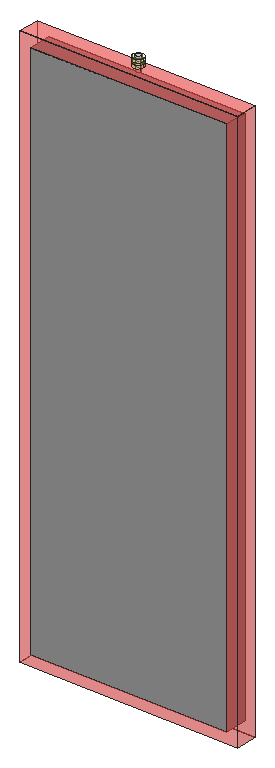
Revit family "roldana completa fachada", category Generic Models, Revit 2014
Reference planes (m)
  plane 1 "Center (Front/Back)": y = 0
  plane 2: z = 0
  plane 3 "Center (Left/Right)": x = 0
Dimensions and locks (m)
  aligned and locked: plane 2 to level
Nested families (m)
  nested 1: "roldana" at (0, -0.00063, 2.61125), type "roldana"
  nested 2: "aste roldana" at (0.000094, -0.00063, 2.59125), type "aste roldana"
  nested 3: "roldana" at (0, -0.00063, 2.635737), type "roldana"
  nested 4: "parede fachada" at (-0.003991, 0.050313, 0), type "parede fachada vidro alto"
    with largura vidro 0.90 m, altura vidro 2.50 m, altura ate o vidro 0.05 m
Definition of nested family "roldana"
  Parameters (values of type "roldana")
    rario externo = 0.025 m
    raio interno = 0.01 m
    metal roldana = Default Light Source
    altura roldana = 0.015 m
  Reference planes (m)
    plane 1 "Center (Front/Back)": y = 0
    plane 2: z = 0
    plane 3 "Center (Left/Right)": x = 0
    plane 4: z = 0.015
  Forms (m)
    Extrusion 1, solid, material "Default Light Source" <- "metal roldana"
      sketch origin (0, 0, 0) x (1, 0, 0) y (0, 1, 0)
        loop
          circle (0, 0) r 0.025
        loop
          circle (0, 0) r 0.01
      from 0 to 0.015
  Dimensions and locks (m)
    "altura roldana": plane 4 to level
    "rario externo": radius of Extrusion 1 sketch curve
    "raio interno": radius of Extrusion 1 sketch curve
    aligned and locked: plane 2 to level
    aligned and locked: plane 4 to Extrusion 1
  Automatic sketch dimensions
    Extrusion 1 sketch curve to Extrusion 1 sketch curve = 0.00 m  (x2)
    plane 1 "Center (Front/Back)" to Extrusion 1 sketch curve = 0.00 m
    Extrusion 1 sketch curve to plane 3 "Center (Left/Right)" = 0.00 m
Definition of nested family "aste roldana"
  Parameters (values of type "aste roldana")
    raio grosso aste = 0.012 m
    raio aste da roldana = 0.009 m
    altura da parte grossa da aste = 0.005 m
    altura aste = 0.06 m
  Reference planes (m)
    plane 1 "Center (Front/Back)": y = 0
    plane 2: z = 0
    plane 3 "Center (Left/Right)": x = 0
    plane 4: z = 0.06
    plane 5: z = 0.065
  Forms (m)
    Extrusion 1, solid
      sketch origin (0, 0, 0) x (1, 0, 0) y (0, 1, 0)
        loop
          circle (0, 0) r 0.009
      from 0 to 0.06
    Extrusion 2, solid
      sketch origin (-0.047058, -0.042889, 0) x (1, 0, 0) y (0, 1, 0)
        loop
          circle (0.047105, 0.042926) r 0.012
      from 0.06 to 0.065
  Dimensions and locks (m)
    level to plane 4 = 0.06 m
    "altura aste": plane 4 to level
    "altura da parte grossa da aste": plane 5 to plane 4
    "raio aste da roldana": radius of Extrusion 1 sketch curve
    "raio grosso aste": radius of Extrusion 2 sketch curve
    aligned and locked: plane 2 to level
    aligned and locked: plane 4 to Extrusion 1
    aligned and locked: Extrusion 2 to Extrusion 1
    aligned and locked: plane 5 to Extrusion 2
  Automatic sketch dimensions
    plane 1 "Center (Front/Back)" to Extrusion 1 sketch curve = 0.00 m
    Extrusion 1 sketch curve to plane 3 "Center (Left/Right)" = 0.00 m
    plane 3 "Center (Left/Right)" to Extrusion 2 sketch curve = 0.000047 m
    Extrusion 2 sketch curve to plane 1 "Center (Front/Back)" = 0.000037 m
Definition of nested family "parede fachada"
  Parameters (values of type "parede fachada")
    vetro = Glass, Clear Glazing, Tempered
    placa = Phase-Demo
    largura vidro [instance] = 0.648495 m
    expessura placa fachada = 0.10 m
    altura vidro [instance] = 1.20 m
    altura painel = 2.60 m
    altura ate o vidro [instance] = 1.291485 m
  Reference planes (m)
    plane 1 "Center (Front/Back)": y = 0
    plane 2: z = 0
    plane 3 "Center (Left/Right)": x = 0
    plane 4: z = 2.6
    plane 5: y = 0.111894
    plane 6: x = -0.5
    plane 7: x = 0.5
    plane 8: z = 2.6
    plane 9: z = 0
    plane 10: z = 1.291485
    plane 11: z = 2.491485
    plane 12: x = -0.324247
    plane 13: x = 0.324247
    plane 14: y = -0.1
  Forms (m)
    Extrusion 1, solid, material "Phase-Demo" <- "placa"
      sketch origin (0, 0, 0) x (1, 0, 0) y (0, 0, 1)
        loop
          line (-0.5, 0) -> (0.5, 0) -> (0.5, 2.6) -> (-0.5, 2.6) -> (-0.5, 0)
        loop
          line (-0.324247, 2.491485) -> (-0.324247, 1.291485) -> (0.324247, 1.291485) -> (0.324247, 2.491485) -> (-0.324247, 2.491485)
      from 0 to 0.1
    Extrusion 2, solid, material "Glass, Clear Glazing, Tempered" <- "vetro"
      sketch origin (0, 0, 0) x (1, 0, 0) y (0, 0, 1)
        loop
          line (-0.324247, 2.491485) -> (-0.324247, 1.291485) -> (0.324247, 1.291485) -> (0.324247, 2.491485) -> (-0.324247, 2.491485)
      from 0.1 to 0
  Dimensions and locks (m)
    "altura painel": plane 4 to level
    "altura painel": plane 8 to plane 9
    plane 6 to plane 7 = 1.00 m
    "altura ate o vidro": plane 10 to plane 9
    equal spacing: plane 12, plane 3 "Center (Left/Right)", plane 13
    "altura vidro": plane 11 to plane 10
    "largura vidro": plane 12 to plane 13
    "expessura placa fachada": plane 14 to plane 1 "Center (Front/Back)"
    aligned and locked: plane 2 to level
    aligned and locked: plane 6 to Extrusion 1 sketch curve
    aligned and locked: plane 7 to Extrusion 1 sketch curve
    aligned and locked: Extrusion 1 sketch curve to plane 8
    aligned and locked: plane 9 to Extrusion 1 sketch curve
    aligned and locked: plane 10 to Extrusion 1 sketch curve
    aligned and locked: plane 13 to Extrusion 1 sketch curve
    aligned and locked: plane 12 to Extrusion 1 sketch curve
    aligned and locked: plane 11 to Extrusion 1 sketch curve
    aligned and locked: Extrusion 2 sketch curve to Extrusion 1  (x2)
    aligned and locked: Extrusion 1 to Extrusion 2 sketch curve
    aligned and locked: Extrusion 1 to plane 14
    aligned and locked: Extrusion 1 to Extrusion 2  (x2)
    aligned and locked: Extrusion 2 to Extrusion 1
  Automatic sketch dimensions
    plane 3 "Center (Left/Right)" to Extrusion 2 sketch curve = 0.324247 m
